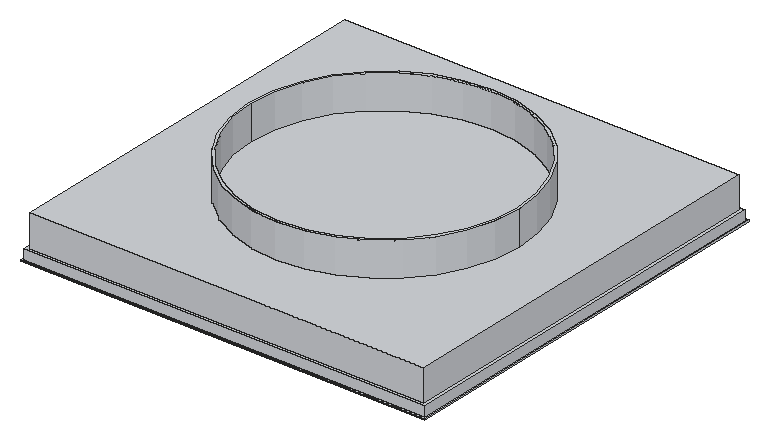
Revit family "01302_PDI", category Air Terminals, Revit 2012
Parameters (values of type "PDI-24x24")
  Visible_Texto_Cuello = or(Medida_Requerida < 6", and(Modulo = 12, Medida_Requerida > 10"), and(Modulo = 16, Medida_Requerida > 12"), and(Modulo = 20, Medida_Requerida > 18"), and(Modulo = 24, Medida_Requerida > 18"), not(Medida_Requerida = Var1 * 1"))  # no
  Visible_STexto = not(or(Seleccion_Cuello = 1, Seleccion_Cuello = 2))  # no
  Visible_MTexto = not(or(Modulo = 12, Modulo = 16, Modulo = 20, Modulo = 24))  # no
  Visible_Conector_R = Seleccion_Cuello = 1  # yes
  Visible_Conector_C = Seleccion_Cuello = 2  # no
  Var3 = if(and(Modulo = 12, Var2 > 10"), 10", if(and(Modulo = 16, Var2 > 12"), 12", if(and(Modulo = 20, Var2 > 16"), 16", if(and(Modulo > 24, Var2 > 18"), 18", Var2))))  # 16"
  Var2 = if(Var1 * 1" < 6", 6", if(Var1 * 1 > 18, 18", Var1 * 1"))  # 16"
  Var1 = roundup(Medida_Requerida / 2") * 2  # 16
  URL = "https://www.innes.com.mx"
  Type Comments = "Deflector de aleta curva montado en el cuello"
  Tipo de Cuello = "Redondo/Cuadrado/Rectangular"
  Seleccion_Cuello = 1
  Redondo(1)Cuadrado(2) = if(Seleccion_Cuello < 1, 1, if(Seleccion_Cuello > 2, 2, Seleccion_Cuello))  # 1
  Posicion de Instalacion = "Techo"
  Nota_SCuello = if(Seleccion_Cuello = 1, "Cuello Redondo", if(Seleccion_Cuello = 2, "Cuello cuadrado", "(1)-Redondo,(2)-Cuadrado"))  # "Cuello Redondo"
  Nota_Modulo = if(Modulo < 12, "Módulo por debajo del valor mínimo de 12 in. Seleccione de la lista desplegable", if(Modulo > 24, "Módulo por arriba del valor maximo de 24 in. Seleccione de la lista desplegable", if(or(Modulo = 12, Modulo = 16, Modulo = 20, Modulo = 24), ".", "Modulo incorrecto, Selecione de la lista desplegable")))  # "."
  Nota_Cuello = if(Medida_Requerida < 6", "Cuello por debajo del valor mínimo de 6 in", if(and(Modulo = 12, Medida_Requerida > 10"), "Medida supera el valor para este módulo", if(and(Modulo = 16, Medida_Requerida > 12"), "Medida supera el valor para este módulo", if(and(Modulo = 20, Medida_Requerida > 16"), "Medida supera el valor para este módulo", if(and(Modulo = 24, Medida_Requerida > 18"), "Medida supera el valor para este módulo", if(Medida_Requerida = Var1 * 1", ".", "Solo incrementos de 2 in"))))))  # "."
  Modulo_Real = if(or(Modulo < 12, Modulo = 12), 12, if(or(and(Modulo > 12, Modulo < 16), Modulo = 16), 16, if(or(and(Modulo > 16, Modulo < 20), Modulo = 20), 20, 24)))  # 24
  Modulo = 24
  Model = "PDI"
  Medida_Requerida = 16"
  Material = "Alum/Acero/Inox"
  Manufacturer = "INNES"
  Funcion = "Inyeccion"
  Description = "Difusor perforado"
  Cuello Min-Max Retangular = "8\"x6\" hasta 18\"x16\" en Incrementos de 2\""
  Cuello Min-Max Redondo = "6\" hasta 18\" en Incrementos de 2\""
  Cuello Min-Max Cuadrado = "6\"x6\" a 18\"x18\" en Incrementos de 2\""
  Conect_Redondo = (Var3 / 2) - 1" / 16  # 7 15/16"
  Conect_Cuadrado = Var3 - 1" / 8  # 15 7/8"
Types (5): name | Var3 | Var2 | Var1 | Modulo_Real | Modulo | Medida_Requerida | Cuello Min-Max Retangular | Cuello Min-Max Redondo | Cuello Min-Max Cuadrado | Conect_Redondo | Conect_Cuadrado
  (no name) | 16" | 16" | 16 | 24 | 24 | 16" | "8\"x6\" hasta 18\"x16\" en Incrementos de 2\"" | "6\" hasta 18\" en Incrementos de 2\"" | "6\"x6\" a 18\"x18\" en Incrementos de 2\"" | 7 15/16" | 15 7/8"
  PDI-12x12 | 8" | 8" | 8 | 12 | 12 | 8" | "8\"x6\" hasta 18\"x16\" en Incrementos de 2\"" | "6\" hasta 18\" en Incrementos de 2\"" | "6\"x6\" a 18\"x18\" en Incrementos de 2\"" | 3 15/16" | 7 7/8"
  PDI-16x16 | 12" | 12" | 12 | 16 | 16 | 12" | "8\"x6\" hasta 18\"x16\" en Incrementos de 2\"" | "6\" hasta 18\" en Incrementos de 2\"" | "6\"x6\" a 18\"x18\" en Incrementos de 2\"" | 5 15/16" | 11 7/8"
  PDI-20x20 | 14" | 14" | 14 | 20 | 20 | 14" | "" | "6 hasta 18\" en Incrementos de 2\"" | "6x6 a 18x18\" en Incrementos de 2\"" | 6 15/16" | 13 7/8"
  PDI-24x24 | 16" | 16" | 16 | 24 | 24 | 16" | "8\"x6\" hasta 18\"x16\" en Incrementos de 2\"" | "6\" hasta 18\" en Incrementos de 2\"" | "6\"x6\" a 18\"x18\" en Incrementos de 2\"" | 7 15/16" | 15 7/8"
Reference planes (in)
  plane 1 "Center (Front/Back)": y = 0
  plane 2: z = 0
  plane 3 "Center (Left/Right)": x = 0
Nested families (in)
  nested 1: "PDI" at (0.96727, 0, 0), type "PDI-12"x12""
  nested 2: "Texto1_PDI" at (3.09024, -54.62259, 0), type "texto"
  nested 3: "Texto2_PDI" at (-12.99585, -58.30564, 0), type "texto"
  nested 4: "Texto3_PDI" at (10.3385, -38.12387, 0), type "texto"
Connectors (in)
  hvac at (0, 0, 4.5), driven by "Conect_Redondo", driven by "Visible_Conector_R", driven by "Model"
    settings: on nested 1, index 1, duct flow 0.0 L/s, flow factor 0, pres drop 0.0 Pa, loss coef 0, conn angle 0.00°, conn width 304.8 mm, conn height 304.8 mm, conn radius 201.613 mm, duct sys type 1, conn prof type 0, flow config 0, flow direction 0, loss method 0, conn ref index -1, conn util yes, is conn primary yes, conn desc "PDI"
  hvac at (0, 0, 4.5), driven by "Conect_Cuadrado", driven by "Conect_Cuadrado", driven by "Visible_Conector_C", driven by "Model"
    settings: on nested 1, index 2, duct flow 0.0 L/s, flow factor 0, pres drop 0.0 Pa, loss coef 0, conn angle 0.00°, conn width 403.225 mm, conn height 403.225 mm, conn radius 304.8 mm, duct sys type 1, conn prof type 1, flow config 0, flow direction 0, loss method 0, conn ref index -1, conn util no, is conn primary no, conn desc "PDI"
Definition of nested family "PDI"
  Parameters (values of type "PDI-24"x24"")
    Visible_Cuello_R = Seleccion_Cuello = 1  # yes
    Visible_Cuello_C = Seleccion_Cuello = 2  # no
    Var2 = if(Var1 * 1" < 6", 6", if(Var1 * 1 > 22, 22", Var1 * 1"))  # 16"
    Var1 = roundup(Medida_Requerida / 2") * 2  # 16
    URL = "http://www.innes.com.mx"
    Seleccion_Cuello = 1
    Radio = A_Cuello_Real / 2  # 7 15/16"
    Modulo = 24
    Min Flow = 0.0 L/s
    Medida_Requerida = 16"
    Max Flow = 0.0 L/s
    Manufacturer = "INNES"
    Radio_Interior = Radio - 1" / 8  # 7 13/16"
    Malla = none
    Cuello Redondo = yes
    Cuello Cuadrado = no
    Base2 = Base1 - 3" / 8  # 23 1/8"
    B_Plato = if(or(Modulo < 12, Modulo = 12), 11 3/4", if(or(and(Modulo > 12, Modulo < 16), Modulo = 16), 15 3/4", if(or(and(Modulo > 16, Modulo < 20), Modulo = 20), 19 3/4", if(Modulo > 20, 23 3/4", 23 3/4"))))  # 23 3/4"
    Base1 = B_Plato - 1" / 4  # 23 1/2"
    Alto_plato = 2 1/2"  # constant formula
    Alto_base = 5" / 8  # 5/8"
    Alto_Cuello = 2"  # constant formula
    A_Cuello_Real = Var2 - 1" / 8  # 15 7/8"
  Types (4): name | Malla
    PDI-24"x24" | none
    PDI-20"x20" | Default
    PDI-16"x16" | none
    PDI-12"x12" | none
  Reference planes (in)
    plane 1 "Center (Front/Back)": y = 0
    plane 2: z = 0
    plane 3 "Center (Left/Right)": x = -0.96727
    plane 4: y = 11.75
    plane 5: y = -11.75
    plane 6: x = -12.71727
    plane 7: x = 10.78273
    plane 8: x = -12.84227
    plane 9: x = 10.90773
    plane 10: y = 11.875
    plane 11: y = -11.875
    plane 12: z = 0.625
    plane 13: z = 2.5
    plane 14 "Alto medida requerida": z = 4.5
    plane 15: x = -12.52977
    plane 16: x = 10.59523
    plane 17: y = 11.5625
    plane 18: y = -11.5625
    plane 19: y = 7.9375
    plane 20: y = -7.9375
    plane 21: x = -8.90477
    plane 22: x = 6.97023
  Forms (in)
    Extrusion 1, solid, material "Default"
      sketch origin (0, 0, 0) x (1, 0, 0) y (0, 1, 0)
        loop
          line (-12.84227, 11.875) -> (-12.84227, -11.875) -> (10.90773, -11.875) -> (10.90773, 11.875) -> (-12.84227, 11.875)
      from 0.05931 to 0
    Extrusion 2, solid
      sketch origin (0, 0, 0) x (1, 0, 0) y (0, 1, 0)
        loop
          line (-12.52977, 11.5625) -> (-12.52977, -11.5625) -> (10.59523, -11.5625) -> (10.59523, 11.5625) -> (-12.52977, 11.5625)
      from 0.625 to 2.5
    Extrusion 3, solid, visible <- "Cuello Cuadrado"
      sketch origin (0, 0, 0) x (1, 0, 0) y (0, 1, 0)
        loop
          line (-8.90477, 7.9375) -> (-8.90477, -7.9375) -> (6.97023, -7.9375) -> (6.97023, 7.9375) -> (-8.90477, 7.9375)
        loop
          line (-8.77977, 7.8125) -> (-8.77977, -7.8125) -> (6.84523, -7.8125) -> (6.84523, 7.8125) -> (-8.77977, 7.8125)
      from 2.5 to 4.5
    Extrusion 4, solid, visible <- "Cuello Redondo"
      sketch origin (0, 0, 0) x (1, 0, 0) y (0, 1, 0)
        loop
          circle (-0.96727, 0) r 7.9375
        loop
          circle (-0.96727, 0) r 7.8125
      from 2.5 to 4.5
    Extrusion 5, solid
      sketch origin (0, 0, 4.5) x (0, 1, 0) y (-1, 0, 0)
        loop
          line (11.75, 12.71727) -> (-11.75, 12.71727) -> (-11.75, -10.78273) -> (11.75, -10.78273) -> (11.75, 12.71727)
      from -4.44069 to -3.875
    Extrusion 6, solid
      sketch origin (0, 0, 0) x (1, 0, 0) y (0, 1, 0)
        loop
          line (-12.71727, 11.75) -> (-12.71727, -11.75) -> (10.78273, -11.75) -> (10.78273, 11.75) -> (-12.71727, 11.75)
        loop
          line (-12.84227, 11.875) -> (-12.84227, -11.875) -> (10.90773, -11.875) -> (10.90773, 11.875) -> (-12.84227, 11.875)
      from 0 to 0.05931
  Dimensions and locks (in)
    equal spacing: plane 6, plane 3 "Center (Left/Right)", plane 7
    "Base1": plane 6 to plane 7
    equal spacing: plane 4, plane 1 "Center (Front/Back)", plane 5
    "Base1": plane 4 to plane 5
    equal spacing: plane 8, plane 3 "Center (Left/Right)", plane 9
    "B_Plato": plane 8 to plane 9
    equal spacing: plane 10, plane 1 "Center (Front/Back)", plane 11
    "B_Plato": plane 10 to plane 11
    "Alto_Cuello": plane 14 "Alto medida requerida" to plane 13
    "Alto_base": plane 12 to level
    "Alto_plato": plane 13 to level
    equal spacing: plane 15, plane 3 "Center (Left/Right)", plane 16
    "Base2": plane 15 to plane 16
    equal spacing: plane 17, plane 1 "Center (Front/Back)", plane 18  (x2)
    "Base2": plane 17 to plane 18
    equal spacing: plane 19, plane 1 "Center (Front/Back)", plane 20
    "A_Cuello_Real": plane 19 to plane 20
    equal spacing: plane 21, plane 3 "Center (Left/Right)", plane 22
    "A_Cuello_Real": plane 21 to plane 22
    "Radio": radius of Extrusion 4 sketch curve
    "Radio_Interior": radius of Extrusion 4 sketch curve
    aligned and locked: plane 2 to level
    aligned and locked: Extrusion 1 sketch curve to plane 10
    aligned and locked: Extrusion 1 sketch curve to plane 8
    aligned and locked: Extrusion 1 sketch curve to plane 11
    aligned and locked: Extrusion 1 sketch curve to plane 9
    aligned and locked: Extrusion 2 sketch curve to plane 17
    aligned and locked: Extrusion 2 sketch curve to plane 15
    aligned and locked: Extrusion 2 sketch curve to plane 18
    aligned and locked: Extrusion 2 sketch curve to plane 16
    aligned and locked: Extrusion 2 to plane 12
    aligned and locked: Extrusion 1 to level
    aligned and locked: plane 12 to Extrusion 5
    aligned and locked: Extrusion 6 sketch curve to plane 4
    aligned and locked: plane 6 to Extrusion 6 sketch curve
    aligned and locked: plane 5 to Extrusion 6 sketch curve
    aligned and locked: Extrusion 6 sketch curve to plane 7
    aligned and locked: Extrusion 6 sketch curve to Extrusion 1  (x4)
    aligned and locked: Extrusion 6 to Extrusion 1
    aligned and locked: plane 7 to Extrusion 6
    aligned and locked: Extrusion 6 to plane 6
    aligned and locked: Extrusion 6 to plane 5
    aligned and locked: plane 4 to Extrusion 6
    aligned and locked: plane 6 to Extrusion 5 sketch curve
    aligned and locked: Extrusion 5 sketch curve to plane 4
    aligned and locked: Extrusion 5 sketch curve to plane 7
    aligned and locked: plane 5 to Extrusion 5 sketch curve
  Automatic sketch dimensions
    plane 20 to Extrusion 3 sketch curve = 0"
    Extrusion 3 sketch curve to plane 21 = 0"
    Extrusion 3 sketch curve to plane 22 = 0"
    Extrusion 3 sketch curve to plane 19 = 0"
    Extrusion 3 sketch curve to plane 19 = 1/8"
    Extrusion 3 sketch curve to plane 22 = 1/8"
    Extrusion 3 sketch curve to plane 20 = 1/8"
    plane 21 to Extrusion 3 sketch curve = 1/8"
    Extrusion 4 sketch curve to Extrusion 4 sketch curve = 0"  (x2)
    plane 1 "Center (Front/Back)" to Extrusion 4 sketch curve = 0"
    Extrusion 4 sketch curve to plane 3 "Center (Left/Right)" = 0"
    Extrusion 6 sketch curve to plane 7 = 0"
Definition of nested family "Texto1_PDI"
  Parameters (values of type "texto")
    texto = "Medida supera el maximo de 16"
    Visible_Texto = yes
    Color = rojo
  Reference planes (in)
    plane 1 "Center (Front/Back)": y = 0
    plane 2: z = 0
    plane 3 "Center (Left/Right)": x = 0
Definition of nested family "Texto2_PDI"
  Parameters (values of type "texto")
    texto = "Medida supera el maximo de 16"
    Visible_Texto = yes
    Color = rojo
  Reference planes (in)
    plane 1 "Center (Front/Back)": y = 0
    plane 2: z = 0
    plane 3 "Center (Left/Right)": x = 0
Definition of nested family "Texto3_PDI"
  Parameters (values of type "texto")
    texto = "Medida supera el maximo de 16"
    Visible_Texto = yes
    Color = rojo
  Reference planes (in)
    plane 1 "Center (Front/Back)": y = 0
    plane 2: z = 0
    plane 3 "Center (Left/Right)": x = 0
